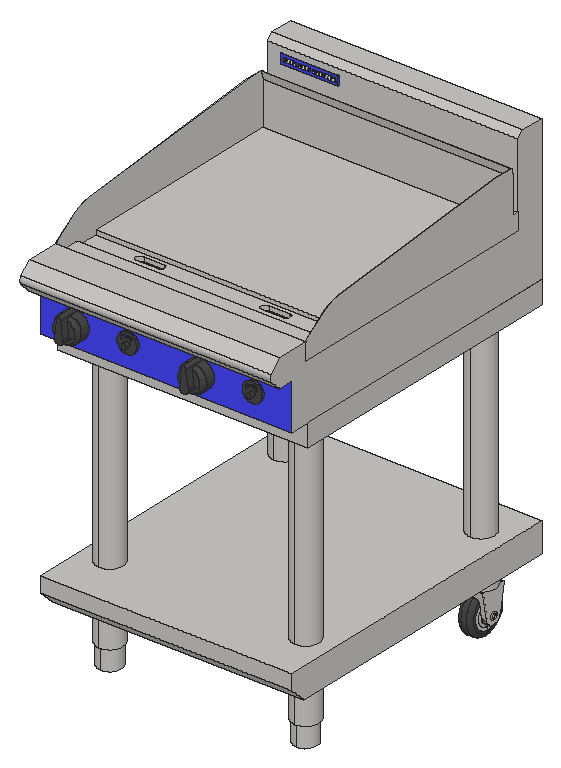
Revit family "QF_MOFFAT_BLUESEAL_AU_G514B-LS", category Specialty Equipment, Revit 2012
Parameters
  Weight in Pounds = 176  # constant formula
  URL Cutsheet = "www.moffat.com"
  URL = "www.moffat.com"
  Type Mark [instance] = ""
  Status [instance] = ""
  Specification by User [instance] = ""
  Specification by Manufacturer = ""
  Show Logo [instance] = yes
  Show Casters [instance] = yes
  Serial Number = ""
  Seismic Rating = ""
  SMACNA No = ""
  Revision Code [instance] = ""
  Omniclass Number and Title = ""
  NAFEM Spec ID Number = ""
  Model = "G514B-LS"
  Mechanical Remarks = ""
  Mechanical Connection Type = ""
  Masterspec = ""
  Manufacturer = "MOFFAT BLUESEAL"
  Legs [instance] = not(Show Casters)  # no
  Item Number [instance] = ""
  Installed By [instance] = ""
  Identify Quantity as Lot [instance] = yes
  Gas Size = 3/4"
  Gas RI Height = 0 mm
  Gas KW = 11
  Gas Input = 37912.0 Btu/h
  Gas Connection Height = 0 mm
  Furnished By [instance] = ""
  Foodservice Equipment Identifier [instance] = yes
  Description = "600MM GAS GRIDDLE PLATE ON LEG STAND"
  CSI MasterFormat = ""
  CSI Master Format = ""
  Base Height [instance] = 150 mm
Reference planes
  plane 1 "BACK": y = 0
  plane 2: z = 0
  plane 3 "LEFT": x = 0
  plane 4 "RIGHT": x = 600
  plane 5 "FRONT": y = -812
  plane 6 "TOP": z = 970
  plane 7 "Center Y": x = 300
  plane 8 "Center X": y = -406
  plane 9 "Base Height": z = 150
  plane 10: z = 915
  plane 11: y = -31
  plane 12: x = 470
  plane 13: z = 1085
  plane 14: y = -625
  plane 15: y = -100
  plane 16: z = 655
Forms (mm)
  Extrusion 1, solid, material "QF_Finishes_Stainless Steel"
    sketch origin (0, 0, 0) x (0, 1, 0) y (0, 0, 1)
      loop
        line (-749, 850) -> (-749, 740) -> (0, 740) -> (0, 1085) -> (-57.5, 1085) -> (-70, 1072.5) -> (-70, 875) -> (-705, 875) -> (-705, 915) -> (-783.97, 915) -> (-808.485, 890.485)
        arc (-808.485, 890.485) -> (-811.999, 882) -> (-808.485, 873.515) r 12
        line (-808.485, 873.515) -> (-784.97, 850) -> (-749, 850)
      loop
        line (0, 685) -> (0, 739.5) -> (-699, 739.5) -> (-699, 685) -> (0, 685)
      loop
        line (0, 222.5) -> (-749, 222.5) -> (-749, 186) -> (-713, 150) -> (0, 150) -> (0, 222.5)
    from 0 to 600
  Revolve 2, solid, material "QF_Finishes_Black"
    sketch origin (90, 7, 600) x (0, 1, 0) y (0, 0, -1)
      loop
        line (-789, -229.5) -> (-766, -229.5) -> (-766, -202) -> (-756, -202) -> (-756, -197) -> (-800, -197) -> (-800, -223.651) -> (-789, -229.5)
      axis (-800, -197) -> (-756, -197)
    angle from 0 to 360
  Extrusion 3, solid, material "QF_Finishes_Black"
    sketch origin (90, -759, 797) x (0, 0, 1) y (1, 0, 0)
      loop
        arc (32.192, -4.965) -> (37.079, 0.034) -> (32.192, 5.033) r 5
        line (32.192, 5.033) -> (-10.726, 10.453)
        arc (-10.726, 10.453) -> (-22.392, 0.618) -> (-11.893, -10.454) r 10.487
        line (-11.893, -10.454) -> (32.192, -4.965)
    from 0 to -49
  Extrusion 4, solid, material "QF_Finishes_Stainless Steel"
    sketch origin (0, 0, 222.5) x (0, -1, 0) y (1, 0, 0)
      loop
        circle (100, 65) r 31.75
      loop
        circle (625, 65) r 31.75
      loop
        circle (100, 535) r 31.75
      loop
        circle (625, 535) r 31.75
    from 0 to 462.5
  Revolve 5, solid, material "QF_Finishes_Stainless Steel", visible <- "Legs"
    sketch origin (65.5, -166, 0) x (0, 1, 0) y (0, 0, 1)
      loop
        line (34.25, 150) -> (34.25, 50) -> (38.5, 50) -> (38.5, 0) -> (66, 0) -> (66, 150) -> (34.25, 150)
      axis (66, 150) -> (66, 0)
    angle from 0 to 360
  Revolve 6, solid, material "QF_Finishes_Stainless Steel"
    sketch origin (65.5, -735, 0) x (0, 1, 0) y (0, 0, 1)
      loop
        line (78.25, 150) -> (78.25, 50) -> (82.5, 50) -> (82.5, 0) -> (110, 0) -> (110, 150) -> (78.25, 150)
      axis (110, 150) -> (110, 0)
    angle from 0 to 360
  Revolve 7, solid, material "QF_Finishes_Stainless Steel", visible <- "Legs"
    sketch origin (534.5, -166, 0) x (0, 1, 0) y (0, 0, -1)
      loop
        line (34.25, -150) -> (66, -150) -> (66, 0) -> (38.5, 0) -> (38.5, -50) -> (34.25, -50) -> (34.25, -150)
      axis (66, -150) -> (66, 0)
    angle from 0 to 360
  Revolve 8, solid, material "QF_Finishes_Stainless Steel"
    sketch origin (534.5, -728, 0) x (0, 1, 0) y (0, 0, -1)
      loop
        line (71.25, -150) -> (103, -150) -> (103, 0) -> (75.5, 0) -> (75.5, -50) -> (71.25, -50) -> (71.25, -150)
      axis (103, -150) -> (103, 0)
    angle from 0 to 360
  Revolve 9, solid, material "QF_Finishes_Black"
    sketch origin (390, 7, 600) x (0, 1, 0) y (0, 0, -1)
      loop
        line (-789, -229.5) -> (-766, -229.5) -> (-766, -202) -> (-756, -202) -> (-756, -197) -> (-800, -197) -> (-800, -223.651) -> (-789, -229.5)
      axis (-800, -197) -> (-756, -197)
    angle from 0 to 360
  Extrusion 10, solid, material "QF_Finishes_Black"
    sketch origin (390, -759, 797) x (0, 0, 1) y (1, 0, 0)
      loop
        arc (32.192, -4.965) -> (37.079, 0.034) -> (32.192, 5.033) r 5
        line (32.192, 5.033) -> (-10.726, 10.453)
        arc (-10.726, 10.453) -> (-22.392, 0.618) -> (-11.893, -10.454) r 10.487
        line (-11.893, -10.454) -> (32.192, -4.965)
    from 0 to -49
  Extrusion 11, solid, material "QF_Finishes_Black"
    sketch origin (0, -749, 850) x (0, 0, -1) y (1, 0, 0)
      loop
        circle (53, 210) r 23.9
      loop
        circle (53, 510) r 23.9
      loop
        arc (41.701, 524.079) -> (35.116, 509.341) -> (42.919, 495.209) r 18.095
        arc (42.919, 495.209) -> (47.641, 496.491) -> (46.326, 501.204) r 3.448
        arc (46.326, 501.204) -> (42.758, 509.683) -> (45.641, 518.419) r 13.109
        arc (45.641, 518.419) -> (46.501, 523.219) -> (41.701, 524.079) r 3.448
      loop
        arc (41.701, 224.079) -> (35.116, 209.341) -> (42.919, 195.209) r 18.095
        arc (42.919, 195.209) -> (47.641, 196.491) -> (46.326, 201.204) r 3.448
        arc (46.326, 201.204) -> (42.758, 209.683) -> (45.641, 218.419) r 13.109
        arc (45.641, 218.419) -> (46.501, 223.219) -> (41.701, 224.079) r 3.448
    from 0 to 5
  Revolve 12, solid, material "QF_Finishes_Stainless Steel", visible <- "Show Casters"
    sketch origin (16.276, -100.755, -13.653) x (1, 0, 0) y (0, 0, 1)
      loop
        line (14.841, 63.604) -> (83.584, 63.604) -> (83.584, 67.109) -> (82.314, 68.379) -> (80.79, 68.379) -> (80.79, 71.826) -> (68.644, 71.826) -> (68.644, 81.79) -> (65.088, 83.843) -> (63.738, 92.179) -> (65.881, 92.179) -> (65.881, 98.529) -> (65.088, 98.529) -> (65.088, 104.879)
        arc (65.088, 104.879) -> (62.298, 111.614) -> (55.563, 114.404) r 9.525
        line (55.563, 114.404) -> (42.863, 114.404)
        arc (42.863, 114.404) -> (36.127, 111.614) -> (33.338, 104.879) r 9.525
        line (33.338, 104.879) -> (33.338, 98.529) -> (32.544, 98.529) -> (32.544, 92.179) -> (34.687, 92.179) -> (33.352, 83.932) -> (29.782, 81.871) -> (29.782, 71.826) -> (17.635, 71.826) -> (17.635, 68.379) -> (16.111, 68.379) -> (14.841, 67.109) -> (14.841, 63.604)
      axis (14.841, 63.604) -> (83.584, 63.604)
    angle from 0 to 360
  Extrusion 13, solid, material "QF_Finishes_Stainless Steel", visible <- "Show Casters"
    sketch origin (72.001, 132.353, -8.783) x (0, 1, 0) y (0, 0, 1)
      loop
        line (-200.603, 118.783) -> (-264.103, 118.783) -> (-251.746, 53.895)
        arc (-251.746, 53.895) -> (-232.353, 38.783) -> (-212.959, 53.895) r 20
        line (-212.959, 53.895) -> (-200.603, 118.783)
    from -35.667 to 22.923
  Revolve 14, solid, material "QF_Finishes_Stainless Steel", visible <- "Show Casters"
    sketch origin (65.5, -204, 0) x (0, 1, 0) y (0, 0, 1)
      loop
        line (68.25, 150) -> (68.25, 110) -> (104, 110) -> (104, 150) -> (68.25, 150)
      axis (104, 150) -> (104, 110)
    angle from 0 to 360
  Revolve 15, solid, material "QF_Finishes_Stainless Steel", visible <- "Legs"
    sketch origin (65.5, -166, 0) x (0, 1, 0) y (0, 0, 1)
      loop
        line (34.25, 150) -> (34.25, 50) -> (38.5, 50) -> (38.5, 0) -> (66, 0) -> (66, 150) -> (34.25, 150)
      axis (66, 150) -> (66, 0)
    angle from 0 to 360
  Revolve 16, solid, material "QF_Finishes_Stainless Steel", visible <- "Show Casters"
    sketch origin (485.276, -100.755, -13.653) x (1, 0, 0) y (0, 0, 1)
      loop
        line (14.841, 63.604) -> (83.584, 63.604) -> (83.584, 67.109) -> (82.314, 68.379) -> (80.79, 68.379) -> (80.79, 71.826) -> (68.644, 71.826) -> (68.644, 81.79) -> (65.088, 83.843) -> (63.738, 92.179) -> (65.881, 92.179) -> (65.881, 98.529) -> (65.088, 98.529) -> (65.088, 104.879)
        arc (65.088, 104.879) -> (62.298, 111.614) -> (55.563, 114.404) r 9.525
        line (55.563, 114.404) -> (42.863, 114.404)
        arc (42.863, 114.404) -> (36.127, 111.614) -> (33.338, 104.879) r 9.525
        line (33.338, 104.879) -> (33.338, 98.529) -> (32.544, 98.529) -> (32.544, 92.179) -> (34.687, 92.179) -> (33.352, 83.932) -> (29.782, 81.871) -> (29.782, 71.826) -> (17.635, 71.826) -> (17.635, 68.379) -> (16.111, 68.379) -> (14.841, 67.109) -> (14.841, 63.604)
      axis (14.841, 63.604) -> (83.584, 63.604)
    angle from 0 to 360
  Extrusion 17, solid, material "QF_Finishes_Stainless Steel", visible <- "Show Casters"
    sketch origin (541.001, 132.353, -8.783) x (0, 1, 0) y (0, 0, 1)
      loop
        line (-200.603, 118.783) -> (-264.103, 118.783) -> (-251.746, 53.895)
        arc (-251.746, 53.895) -> (-232.353, 38.783) -> (-212.959, 53.895) r 20
        line (-212.959, 53.895) -> (-200.603, 118.783)
    from -35.667 to 22.923
  Revolve 18, solid, material "QF_Finishes_Stainless Steel", visible <- "Show Casters"
    sketch origin (534.5, -204, 0) x (0, 1, 0) y (0, 0, 1)
      loop
        line (68.25, 150) -> (68.25, 110) -> (104, 110) -> (104, 150) -> (68.25, 150)
      axis (104, 150) -> (104, 110)
    angle from 0 to 360
  Extrusion 19, solid, material "QF_Finishes_Black"
    sketch origin (0, -754, 850) x (0, 0, -1) y (1, 0, 0)
      loop
        circle (56.5, 510) r 5.75
      loop
        circle (56.5, 210) r 5.75
    from 0 to 10
  Extrusion 20, solid, material "QF_Finishes_Stainless Steel"
    sketch origin (0, 0, 685) x (-1, 0, 0) y (0, 1, 0)
      loop
        circle (-470, -32) r 6.35
    from 0 to 30
Lines and regions (mm)
  Split face 1
    outline origin (0, -56.5, 1085) x (0, 1, 0) y (-1, 0, 0)
      loop
        arc (11.115, -264.794) -> (16.115, -273.455) -> (26.115, -273.455) r 10
        line (26.115, -273.455) -> (33.115, -269.413)
        arc (33.115, -269.413) -> (36.775, -265.753) -> (38.115, -260.753) r 10
        line (38.115, -260.753) -> (38.115, -32.794)
        arc (38.115, -32.794) -> (33.115, -24.134) -> (23.115, -24.134) r 10
        line (23.115, -24.134) -> (16.115, -28.176)
        arc (16.115, -28.176) -> (12.455, -31.836) -> (11.115, -36.836) r 10
        line (11.115, -36.836) -> (11.115, -264.794)
  Split face 2
    outline origin (0, -56.5, 1085) x (0, 1, 0) y (-1, 0, 0)
      loop
        arc (11.115, -564.794) -> (16.115, -573.455) -> (26.115, -573.455) r 10
        line (26.115, -573.455) -> (33.115, -569.413)
        arc (33.115, -569.413) -> (36.775, -565.753) -> (38.115, -560.753) r 10
        line (38.115, -560.753) -> (38.115, -332.794)
        arc (38.115, -332.794) -> (33.115, -324.134) -> (23.115, -324.134) r 10
        line (23.115, -324.134) -> (16.115, -328.176)
        arc (16.115, -328.176) -> (12.455, -331.836) -> (11.115, -336.836) r 10
        line (11.115, -336.836) -> (11.115, -564.794)
  symbolic lines, style "SpecialityEquipmentHiddenLines", visible <- "Show Casters"
    curve 1: line (78.456, -46.735, 0) -> (105.952, -62.61, 0)
    curve 2: line (27.656, -134.723, 0) -> (78.456, -46.735, 0)
    curve 3: line (55.152, -150.598, 0) -> (27.656, -134.723, 0)
    curve 4: line (105.952, -62.61, 0) -> (55.152, -150.598, 0)
    curve 5: line (548.456, -46.735, 0) -> (575.952, -62.61, 0)
    curve 6: line (497.656, -134.723, 0) -> (548.456, -46.735, 0)
    curve 7: line (525.152, -150.598, 0) -> (497.656, -134.723, 0)
    curve 8: line (575.952, -62.61, 0) -> (525.152, -150.598, 0)
  symbolic lines
    curve 9: line (260.753, -18.385, 0) -> (32.794, -18.385, 0)
    curve 10: arc (32.794, -18.385, 0) -> (24.134, -23.385, 0) -> (24.134, -33.385, 0) r 10
    curve 11: line (24.134, -33.385, 0) -> (28.176, -40.385, 0)
    curve 12: arc (28.176, -40.385, 0) -> (31.836, -44.045, 0) -> (36.836, -45.385, 0) r 10
    curve 13: line (36.836, -45.385, 0) -> (264.794, -45.385, 0)
    curve 14: arc (264.794, -45.385, 0) -> (273.455, -40.385, 0) -> (273.455, -30.385, 0) r 10
    curve 15: line (273.455, -30.385, 0) -> (269.413, -23.385, 0)
    curve 16: arc (269.413, -23.385, 0) -> (265.753, -19.725, 0) -> (260.753, -18.385, 0) r 10
    curve 17: line (332.794, -18.385, 0) -> (560.753, -18.385, 0)
    curve 18: arc (560.753, -18.385, 0) -> (565.753, -19.725, 0) -> (569.413, -23.385, 0) r 10
    curve 19: line (569.413, -23.385, 0) -> (573.455, -30.385, 0)
    curve 20: arc (573.455, -30.385, 0) -> (573.455, -40.385, 0) -> (564.794, -45.385, 0) r 10
    curve 21: line (564.794, -45.385, 0) -> (336.836, -45.385, 0)
    curve 22: arc (336.836, -45.385, 0) -> (331.836, -44.045, 0) -> (328.176, -40.385, 0) r 10
    curve 23: line (328.176, -40.385, 0) -> (324.134, -33.385, 0)
    curve 24: arc (324.134, -33.385, 0) -> (324.134, -23.385, 0) -> (332.794, -18.385, 0) r 10
    curve 25: line (0, -783.97, 0) -> (600, -783.97, 0)
    curve 26: line (0, 0, 0) -> (0, -811.999, 0)
    curve 27: line (600, -811.999, 0) -> (600, 0, 0)
    curve 28: line (600, -811.999, 0) -> (0, -811.999, 0)
    curve 29: line (0, -70, 0) -> (600, -70, 0)
    curve 30: line (0, -57.5, 0) -> (600, -57.5, 0)
    curve 31: line (600, 0, 0) -> (0, 0, 0)
Dimensions and locks
  equal spacing: plane 3 "LEFT", plane 7 "Center Y", plane 4 "RIGHT"
  plane 3 "LEFT" to plane 4 "RIGHT" = 600 mm
  equal spacing: plane 5 "FRONT", plane 8 "Center X", plane 1 "BACK"
  plane 5 "FRONT" to plane 1 "BACK" = 812 mm  (x2)
  equal spacing: plane 4 "RIGHT", plane 7 "Center Y", plane 3 "LEFT"
  plane 4 "RIGHT" to plane 3 "LEFT" = 600 mm
  "Base Height": plane 9 "Base Height" to level
  plane 6 "TOP" to level = 970 mm
  plane 10 to level = 915 mm
  plane 11 to plane 1 "BACK" = 31 mm
  plane 12 to plane 4 "RIGHT" = 130 mm
  plane 13 to plane 2 = 1085 mm
  Revolve 12 sketch curve to Revolve 12 sketch curve = 50.8 mm
  Revolve 16 sketch curve to Revolve 16 sketch curve = 50.8 mm
  Extrusion 20 sketch curve to plane 1 "BACK" = 32 mm
  plane 16 to plane 2 = 655 mm
  aligned and locked: level to plane 2
Automatic sketch dimensions
  plane 10 to Extrusion 1 sketch curve = 0 mm
  Extrusion 1 sketch curve to plane 9 "Base Height" = 0 mm
  plane 13 to Extrusion 1 sketch curve = 0 mm
  Extrusion 1 sketch curve to plane 1 "BACK" = 0 mm  (x3)
  Extrusion 1 sketch curve to plane 11 = 26.5 mm
  plane 13 to Extrusion 1 sketch curve = 12.5 mm
  Extrusion 1 sketch curve to Extrusion 1 sketch curve = 12.5 mm
  Extrusion 1 sketch curve to plane 5 "FRONT" = 113 mm
  Extrusion 1 sketch curve to plane 5 "FRONT" = 107 mm
  Extrusion 1 sketch curve to plane 5 "FRONT" = 99 mm
  Extrusion 1 sketch curve to Extrusion 1 sketch curve = 44 mm
  Extrusion 1 sketch curve to Extrusion 1 sketch curve = 36 mm
  Extrusion 1 sketch curve to plane 5 "FRONT" = 28.03 mm
  Extrusion 1 sketch curve to plane 5 "FRONT" = 27.03 mm
  Extrusion 1 sketch curve to plane 5 "FRONT" = 12.001 mm
  Extrusion 1 sketch curve to plane 5 "FRONT" = 3.515 mm  (x2)
  plane 9 "Base Height" to Extrusion 1 sketch curve = 36 mm
  plane 9 "Base Height" to Extrusion 1 sketch curve = 72.5 mm
  Extrusion 1 sketch curve to Extrusion 1 sketch curve = 0.5 mm
  plane 10 to Extrusion 1 sketch curve = 65 mm
  Extrusion 1 sketch curve to Extrusion 1 sketch curve = 23.515 mm
  plane 10 to Extrusion 1 sketch curve = 40 mm
  Extrusion 1 sketch curve to Extrusion 1 sketch curve = 8.485 mm
  Revolve 2 sketch curve to plane 5 "FRONT" = 19 mm
  Revolve 2 sketch curve to Revolve 2 sketch curve = 0 mm  (x2)
  Revolve 2 sketch curve to Revolve 2 sketch curve = 11 mm
  Revolve 2 sketch curve to Revolve 2 sketch curve = 12.7 mm
  Revolve 2 sketch curve to Revolve 2 sketch curve = 23 mm
  Revolve 2 sketch curve to Revolve 2 sketch curve = 10 mm
  plane 10 to Revolve 2 sketch curve = 85.5 mm
  Revolve 2 sketch curve to Revolve 2 sketch curve = 5.849 mm
  Revolve 2 sketch curve to Revolve 2 sketch curve = 27.5 mm
  Revolve 2 sketch curve to Revolve 2 sketch curve = 5 mm
  Extrusion 4 sketch curve to Extrusion 4 sketch curve = 0 mm  (x8)
  Extrusion 1 to Extrusion 4 sketch curve = 68.25 mm  (x2)
  Extrusion 4 sketch curve to Extrusion 4 sketch curve = 31.75 mm  (x4)
  Extrusion 4 sketch curve to Extrusion 1 = 155.75 mm  (x2)
  Extrusion 1 to Extrusion 4 sketch curve = 65 mm  (x4)
  Revolve 5 sketch curve to plane 9 "Base Height" = 0 mm
  Revolve 5 sketch curve to level = 0 mm
  Revolve 5 sketch curve to plane 11 = 100.75 mm
  Revolve 5 sketch curve to Revolve 5 sketch curve = 4.25 mm
  Revolve 5 sketch curve to Revolve 5 sketch curve = 27.5 mm  (x2)
  Revolve 5 sketch curve to Revolve 5 sketch curve = 55 mm
  level to Revolve 5 sketch curve = 50 mm
  Revolve 5 sketch curve to Revolve 5 sketch curve = 0 mm
  Revolve 6 sketch curve to plane 9 "Base Height" = 0 mm
  Revolve 6 sketch curve to level = 0 mm
  level to Revolve 6 sketch curve = 50 mm
  Revolve 6 sketch curve to plane 5 "FRONT" = 155.25 mm
  Revolve 6 sketch curve to Revolve 6 sketch curve = 4.25 mm
  Revolve 6 sketch curve to Revolve 6 sketch curve = 27.5 mm  (x2)
  Revolve 6 sketch curve to Revolve 6 sketch curve = 55 mm
  Revolve 6 sketch curve to Revolve 6 sketch curve = 0 mm
  Revolve 7 sketch curve to plane 9 "Base Height" = 0 mm
  Revolve 7 sketch curve to level = 0 mm
  Revolve 7 sketch curve to plane 11 = 100.75 mm
  Revolve 7 sketch curve to Revolve 7 sketch curve = 4.25 mm
  Revolve 7 sketch curve to Revolve 7 sketch curve = 27.5 mm  (x2)
  level to Revolve 7 sketch curve = 50 mm
  Revolve 7 sketch curve to Revolve 7 sketch curve = 0 mm
  Revolve 7 sketch curve to Revolve 7 sketch curve = 55 mm
  Revolve 8 sketch curve to plane 9 "Base Height" = 0 mm
  Revolve 8 sketch curve to level = 0 mm
  level to Revolve 8 sketch curve = 50 mm
  Revolve 8 sketch curve to plane 5 "FRONT" = 155.25 mm
  Revolve 8 sketch curve to Revolve 8 sketch curve = 4.25 mm
  Revolve 8 sketch curve to Revolve 8 sketch curve = 27.5 mm  (x2)
  Revolve 8 sketch curve to Revolve 8 sketch curve = 0 mm
  Revolve 8 sketch curve to Revolve 8 sketch curve = 55 mm
  Revolve 9 sketch curve to plane 5 "FRONT" = 19 mm
  Revolve 9 sketch curve to Revolve 9 sketch curve = 0 mm  (x2)
  Revolve 9 sketch curve to Revolve 9 sketch curve = 11 mm
  Revolve 9 sketch curve to Revolve 9 sketch curve = 12.7 mm
  Revolve 9 sketch curve to Revolve 9 sketch curve = 23 mm
  Revolve 9 sketch curve to Revolve 9 sketch curve = 10 mm
  plane 10 to Revolve 9 sketch curve = 85.5 mm
  Revolve 9 sketch curve to Revolve 9 sketch curve = 5.849 mm
  Revolve 9 sketch curve to Revolve 9 sketch curve = 27.5 mm
  Revolve 9 sketch curve to Revolve 9 sketch curve = 5 mm
  plane 3 "LEFT" to Revolve 12 sketch curve = 31.118 mm
  Revolve 12 sketch curve to Revolve 12 sketch curve = 1.27 mm  (x4)
  Revolve 12 sketch curve to Revolve 12 sketch curve = 1.524 mm  (x2)
  Revolve 12 sketch curve to Revolve 12 sketch curve = 12.146 mm  (x2)
  Revolve 12 sketch curve to Revolve 12 sketch curve = 2.762 mm
  Revolve 12 sketch curve to Revolve 12 sketch curve = 0.794 mm  (x2)
  Revolve 12 sketch curve to Revolve 12 sketch curve = 3.57 mm
  Revolve 12 sketch curve to Revolve 12 sketch curve = 2.143 mm
  Revolve 12 sketch curve to Revolve 12 sketch curve = 9.525 mm
  Revolve 12 sketch curve to Revolve 12 sketch curve = 24.572 mm
  Revolve 12 sketch curve to Revolve 12 sketch curve = 12.7 mm
  Revolve 12 sketch curve to Revolve 12 sketch curve = 8.176 mm
  Revolve 12 sketch curve to Revolve 12 sketch curve = 1.349 mm  (x2)
  Revolve 12 sketch curve to Revolve 12 sketch curve = 3.556 mm
  Revolve 12 sketch curve to Revolve 12 sketch curve = 33.32 mm
  level to Revolve 12 sketch curve = 49.952 mm
  Revolve 12 sketch curve to Revolve 12 sketch curve = 0 mm
  Revolve 12 sketch curve to Revolve 12 sketch curve = 3.505 mm  (x2)
  Revolve 12 sketch curve to Revolve 12 sketch curve = 3.447 mm  (x2)
  Revolve 12 sketch curve to Revolve 12 sketch curve = 9.964 mm
  Revolve 12 sketch curve to Revolve 12 sketch curve = 10.045 mm
  Revolve 12 sketch curve to Revolve 12 sketch curve = 2.053 mm
  Revolve 12 sketch curve to Revolve 12 sketch curve = 2.061 mm
  Revolve 12 sketch curve to Revolve 12 sketch curve = 8.247 mm
  Revolve 12 sketch curve to Revolve 12 sketch curve = 8.336 mm
  Revolve 12 sketch curve to Revolve 12 sketch curve = 6.35 mm  (x2)
  Extrusion 13 sketch curve to plane 9 "Base Height" = 40 mm
  Extrusion 13 sketch curve to plane 11 = 100.75 mm
  Extrusion 13 sketch curve to Extrusion 13 sketch curve = 12.357 mm
  Extrusion 13 sketch curve to Extrusion 13 sketch curve = 19.393 mm  (x2)
  level to Extrusion 13 sketch curve = 45.111 mm
  Extrusion 13 sketch curve to plane 11 = 37.25 mm
  Extrusion 13 sketch curve to Extrusion 13 sketch curve = 4.889 mm
  Revolve 14 sketch curve to plane 9 "Base Height" = 0 mm
  Revolve 14 sketch curve to plane 9 "Base Height" = 40 mm
  Revolve 14 sketch curve to plane 11 = 104.75 mm
  Revolve 14 sketch curve to plane 11 = 69 mm
  Revolve 14 sketch curve to Revolve 14 sketch curve = 35.75 mm
  level to Revolve 14 sketch curve = 50 mm
  Revolve 14 sketch curve to level = 55 mm
  Revolve 15 sketch curve to plane 9 "Base Height" = 0 mm
  Revolve 15 sketch curve to level = 0 mm
  Revolve 15 sketch curve to plane 11 = 100.75 mm
  Revolve 15 sketch curve to Revolve 15 sketch curve = 4.25 mm
  Revolve 15 sketch curve to Revolve 15 sketch curve = 27.5 mm  (x2)
  Revolve 15 sketch curve to level = 55 mm
  Revolve 15 sketch curve to Revolve 15 sketch curve = 50 mm
  Revolve 15 sketch curve to Revolve 15 sketch curve = 0 mm
  plane 12 to Revolve 16 sketch curve = 30.118 mm
  Revolve 16 sketch curve to Revolve 16 sketch curve = 1.27 mm  (x4)
  Revolve 16 sketch curve to Revolve 16 sketch curve = 1.524 mm  (x2)
  Revolve 16 sketch curve to Revolve 16 sketch curve = 12.146 mm  (x2)
  Revolve 16 sketch curve to Revolve 16 sketch curve = 2.762 mm
  Revolve 16 sketch curve to Revolve 16 sketch curve = 0.794 mm  (x2)
  Revolve 16 sketch curve to Revolve 16 sketch curve = 3.57 mm
  Revolve 16 sketch curve to Revolve 16 sketch curve = 2.143 mm
  Revolve 16 sketch curve to Revolve 16 sketch curve = 9.525 mm
  Revolve 16 sketch curve to Revolve 16 sketch curve = 24.572 mm
  Revolve 16 sketch curve to Revolve 16 sketch curve = 12.7 mm
  Revolve 16 sketch curve to Revolve 16 sketch curve = 8.176 mm
  Revolve 16 sketch curve to Revolve 16 sketch curve = 1.349 mm  (x2)
  Revolve 16 sketch curve to Revolve 16 sketch curve = 3.556 mm
  Revolve 16 sketch curve to plane 4 "RIGHT" = 2.18 mm
  level to Revolve 16 sketch curve = 49.952 mm
  Revolve 16 sketch curve to Revolve 16 sketch curve = 0 mm
  Revolve 16 sketch curve to Revolve 16 sketch curve = 3.505 mm  (x2)
  Revolve 16 sketch curve to Revolve 16 sketch curve = 3.447 mm  (x2)
  Revolve 16 sketch curve to Revolve 16 sketch curve = 9.964 mm
  Revolve 16 sketch curve to Revolve 16 sketch curve = 10.045 mm
  Revolve 16 sketch curve to Revolve 16 sketch curve = 2.053 mm
  Revolve 16 sketch curve to Revolve 16 sketch curve = 2.061 mm
  Revolve 16 sketch curve to Revolve 16 sketch curve = 8.247 mm
  Revolve 16 sketch curve to Revolve 16 sketch curve = 8.336 mm
  Revolve 16 sketch curve to Revolve 16 sketch curve = 6.35 mm  (x2)
  Extrusion 17 sketch curve to plane 9 "Base Height" = 40 mm
  Extrusion 17 sketch curve to plane 11 = 100.75 mm
  Extrusion 17 sketch curve to Extrusion 17 sketch curve = 12.357 mm
  Extrusion 17 sketch curve to Extrusion 17 sketch curve = 19.393 mm  (x2)
  level to Extrusion 17 sketch curve = 45.111 mm
  Extrusion 17 sketch curve to plane 11 = 37.25 mm
  Extrusion 17 sketch curve to Extrusion 17 sketch curve = 4.889 mm
  Revolve 18 sketch curve to plane 9 "Base Height" = 0 mm
  Revolve 18 sketch curve to plane 9 "Base Height" = 40 mm
  Revolve 18 sketch curve to plane 11 = 104.75 mm
  Revolve 18 sketch curve to plane 11 = 69 mm
  Revolve 18 sketch curve to Revolve 18 sketch curve = 35.75 mm
  level to Revolve 18 sketch curve = 50 mm
  Revolve 18 sketch curve to level = 55 mm
  Extrusion 3 sketch curve to Revolve 2 = 0.034 mm  (x2)
  Revolve 2 to Extrusion 3 sketch curve = 10.454 mm
  Extrusion 3 sketch curve to Extrusion 3 sketch curve = 0.028 mm
  Extrusion 3 sketch curve to Revolve 2 = 10.453 mm
  Extrusion 3 sketch curve to Extrusion 3 sketch curve = 44 mm
  Extrusion 3 sketch curve to Revolve 2 = 5.033 mm
  Extrusion 3 sketch curve to Extrusion 3 sketch curve = 0.113 mm
  Revolve 2 to Extrusion 3 sketch curve = 4.965 mm
  Extrusion 10 sketch curve to Revolve 9 = 0.034 mm  (x2)
  Revolve 9 to Extrusion 10 sketch curve = 10.454 mm
  Extrusion 10 sketch curve to Extrusion 10 sketch curve = 0.028 mm
  Extrusion 10 sketch curve to Revolve 9 = 10.453 mm
  Extrusion 10 sketch curve to Extrusion 10 sketch curve = 44 mm
  Extrusion 10 sketch curve to Revolve 9 = 5.033 mm
  Extrusion 10 sketch curve to Extrusion 10 sketch curve = 0.113 mm
  Revolve 9 to Extrusion 10 sketch curve = 4.965 mm
  curve 26 to plane 3 "LEFT" = 0 mm
  curve 27 to plane 4 "RIGHT" = 0 mm
  plane 1 "BACK" to curve 26 = 0 mm
  plane 3 "LEFT" to curve 3 = 27.656 mm
  curve 10 to plane 11 = 2.385 mm
  plane 3 "LEFT" to curve 10 = 24.134 mm
  curve 11 to curve 12 = 4.041 mm
  plane 11 to curve 10 = 2.615 mm
  curve 10 to curve 10 = 8.66 mm
  curve 11 to curve 12 = 8.66 mm
  curve 2 to curve 3 = 27.496 mm
  curve 2 to plane 11 = 15.735 mm
  curve 12 to curve 2 = 41.62 mm
  plane 11 to curve 16 = 2.615 mm
  curve 16 to plane 7 "Center Y" = 39.247 mm
  curve 16 to curve 14 = 4.041 mm
  plane 11 to curve 16 = 7.615 mm
  plane 11 to curve 15 = 0.615 mm
  curve 15 to curve 15 = 4.041 mm
  curve 24 to plane 11 = 2.385 mm
  plane 7 "Center Y" to curve 24 = 24.134 mm
  curve 23 to curve 22 = 4.041 mm
  plane 11 to curve 24 = 12.615 mm
  curve 24 to curve 24 = 8.66 mm
  curve 23 to curve 22 = 8.66 mm
  plane 12 to curve 6 = 27.656 mm
  curve 6 to curve 7 = 27.496 mm
  curve 6 to plane 11 = 15.735 mm
  plane 4 "RIGHT" to curve 6 = 51.544 mm
  curve 5 to curve 18 = 12.297 mm
  curve 5 to curve 20 = 16.339 mm
  plane 11 to curve 19 = 7.615 mm
  curve 17 to curve 19 = 8.66 mm
  plane 11 to curve 20 = 0.615 mm
  curve 18 to curve 20 = 4.041 mm
  curve 8 to curve 5 = 15.875 mm
  curve 1 to curve 1 = 15.875 mm
  curve 25 to plane 5 "FRONT" = 28.03 mm
  curve 28 to plane 5 "FRONT" = 0.001 mm
  curve 14 to plane 11 = 14.385 mm
  curve 5 to curve 21 = 1.35 mm
  curve 22 to curve 23 = 7 mm
  curve 11 to curve 11 = 7 mm
  curve 29 to curve 5 = 7.39 mm
  curve 29 to curve 30 = 12.5 mm
  Extrusion 11 sketch curve to Extrusion 1 = 41.701 mm
  Extrusion 11 sketch curve to Extrusion 11 sketch curve = 1.218 mm
  Extrusion 11 sketch curve to Extrusion 11 sketch curve = 1.97 mm  (x4)
  Extrusion 11 sketch curve to Extrusion 11 sketch curve = 1.724 mm  (x2)
  Extrusion 11 sketch curve to Extrusion 11 sketch curve = 1.683 mm  (x2)
  Extrusion 11 sketch curve to Extrusion 11 sketch curve = 6.674 mm
  Extrusion 11 sketch curve to Extrusion 1 = 53 mm
  Extrusion 11 sketch curve to Extrusion 11 sketch curve = 0.195 mm  (x2)
  Extrusion 11 sketch curve to Extrusion 11 sketch curve = 2.662 mm  (x2)
  Extrusion 1 to Extrusion 11 sketch curve = 210 mm
  Extrusion 1 to Extrusion 11 sketch curve = 104.791 mm
  Extrusion 11 sketch curve to Extrusion 11 sketch curve = 2.986 mm
  Extrusion 11 sketch curve to Extrusion 11 sketch curve = 8.796 mm  (x2)
  Extrusion 11 sketch curve to Extrusion 11 sketch curve = 0.103 mm  (x2)
  Extrusion 11 sketch curve to Extrusion 11 sketch curve = 0.102 mm  (x2)
  Extrusion 11 sketch curve to Extrusion 11 sketch curve = 11.299 mm
  Extrusion 11 sketch curve to Extrusion 11 sketch curve = 10.081 mm
  Extrusion 11 sketch curve to Extrusion 11 sketch curve = 3.009 mm
  Extrusion 20 sketch curve to Extrusion 1 = 130 mm
  Extrusion 20 sketch curve to Extrusion 20 sketch curve = 6.35 mm
  plane 16 to Extrusion 1 sketch curve = 30 mm
  Extrusion 1 sketch curve to Extrusion 1 sketch curve = 54.5 mm
  Split face 1 sketch curve to Extrusion 1 = 12.115 mm
  Split face 1 sketch curve to Split face 1 sketch curve = 5 mm  (x3)
  Split face 1 sketch curve to Split face 1 sketch curve = 10 mm  (x2)
  Split face 1 sketch curve to Split face 1 sketch curve = 7 mm  (x4)
  Split face 1 sketch curve to Extrusion 1 = 273.455 mm
  Split face 1 sketch curve to Split face 1 sketch curve = 4.041 mm  (x2)
  Split face 1 sketch curve to Extrusion 1 = 36.836 mm
  Split face 2 sketch curve to Extrusion 1 = 12.115 mm
  Split face 2 sketch curve to Split face 2 sketch curve = 5 mm  (x3)
  Split face 2 sketch curve to Split face 2 sketch curve = 10 mm  (x2)
  Split face 2 sketch curve to Split face 2 sketch curve = 7 mm  (x4)
  Split face 2 sketch curve to Extrusion 1 = 26.545 mm
  Split face 2 sketch curve to Split face 2 sketch curve = 4.041 mm  (x2)
  Split face 2 sketch curve to Split face 2 sketch curve = 223.917 mm
  radius of Extrusion 11 sketch curve = 23.9 mm  (x2)
Nested families
  nested 1: "WALDORF LOGO_FACE BASE" at (32, -70, 1057.475) x (1, 0, 0) z (0, -1, 0), visible <- "Show Logo", type "WALDORF LOGO_FACE BASE", detail levels medium+fine
    with Show Logo yes
  nested 2: "GAS GRIDDLE PLATE 600" at (0, -85, 874.5), type "GAS GRIDDLE PLATE 600"
    with Width 600 mm, Type Mark "", Status "", Specification by User "", Revision Code "", Item Number "", Installed By "", Identify Quantity as Lot yes, Furnished By "", Foodservice Equipment Identifier yes, Depth 620 mm
Connectors
  piping at (470, -32, 655)
    settings: on Extrusion 20, index 1, connector radius 0.37402", flow factor 0, pipe flow 0 GPM, pressure drop 0.00 psi, fitting loss kfactor 0, connector angle 0.00°, fixture units 0, engagement length 0 mm, flow configuration 1, flow direction 1, fitting loss method 0, system type 7, joint type 0, gender type 0, connector reference index -1, connector utility 0, adjustable connector no, is connector primary yes, fitting loss table "", connector description "GAS CONNECTION"
Definition of nested family "WALDORF LOGO_FACE BASE"
  Parameters (values of type "WALDORF LOGO_FACE BASE")
    Show Logo [instance] = yes
    Default Elevation = 1219.2 mm
  Reference planes
    plane 1 "Center (Front/Back)": y = 0
    plane 2: z = 0
    plane 3 "Center (Left/Right)": x = 0
  Forms (mm)
    Extrusion 1, solid
      sketch origin (0, 0, 0) x (1, 0, 0) y (0, 1, 0)
        loop
          line (-1219.2, 1219.2) -> (-1219.2, -1219.2) -> (1219.2, -1219.2) -> (1219.2, 1219.2) -> (-1219.2, 1219.2)
      from 0 to -304.8
    Extrusion 2, solid, material "QF_Finishes_Blue", visible <- "Show Logo"
      sketch origin (0, -33.217, 0) x (1, 0, 0) y (0, 1, 0)
        loop
          arc (138, 31.942) -> (137.626, 32.844) -> (136.724, 33.217) r 1.276
          line (136.724, 33.217) -> (1.29, 33.217)
          arc (1.29, 33.217) -> (0.378, 32.839) -> (0, 31.927) r 1.29
          line (0, 31.927) -> (0, 11.507)
          arc (0, 11.507) -> (0.378, 10.595) -> (1.29, 10.217) r 1.29
          line (1.29, 10.217) -> (136.71, 10.217)
          arc (136.71, 10.217) -> (137.622, 10.595) -> (138, 11.507) r 1.29
          line (138, 11.507) -> (138, 31.942)
      from 0 to 1.588
    Extrusion 3, solid, material "QF_Finishes_White", visible <- "Show Logo"
      sketch origin (0, -33.217, 1.588) x (1, 0, 0) y (0, 1, 0)
        loop
          arc (108.946, 25.919) -> (107.613, 25.367) -> (107.061, 24.034) r 1.885
          line (107.061, 24.034) -> (107.061, 17.211) -> (112.704, 17.211) -> (112.704, 19.129) -> (115.546, 19.129) -> (115.546, 17.211) -> (121.584, 17.211) -> (121.584, 24.075)
          arc (121.584, 24.075) -> (121.043, 25.379) -> (119.739, 25.919) r 1.845
          line (119.739, 25.919) -> (108.946, 25.919)
        loop
          line (123.478, 25.919) -> (123.478, 17.163) -> (134.904, 17.163) -> (134.904, 19.129) -> (129.246, 19.129) -> (129.246, 25.919) -> (123.478, 25.919)
        loop
          line (112.704, 21.258) -> (115.546, 21.258) -> (115.546, 22.702)
          arc (115.546, 22.702) -> (115.344, 23.188) -> (114.858, 23.389) r 0.687
          line (114.858, 23.389) -> (113.363, 23.389)
          arc (113.363, 23.389) -> (112.897, 23.196) -> (112.704, 22.73) r 0.658
          line (112.704, 22.73) -> (112.704, 21.258)
        loop
          line (105.071, 25.919) -> (93.771, 25.919) -> (93.771, 17.163) -> (105.071, 17.163) -> (105.071, 19.063) -> (99.535, 19.063) -> (99.535, 20.437) -> (105.071, 20.437) -> (105.071, 22.278) -> (99.535, 22.278) -> (99.535, 23.587) -> (105.071, 23.587) -> (105.071, 25.919)
        loop
          line (91.104, 25.919) -> (79.541, 25.919)
          arc (79.541, 25.919) -> (78.558, 25.513) -> (78.152, 24.53) r 1.389
          line (78.152, 24.53) -> (78.152, 22.08)
          arc (78.152, 22.08) -> (78.558, 21.098) -> (79.541, 20.691) r 1.389
          line (79.541, 20.691) -> (86.346, 20.691) -> (86.346, 18.864) -> (83.266, 18.864) -> (83.266, 19.664) -> (78.152, 19.664) -> (78.152, 18.553)
          arc (78.152, 18.553) -> (78.558, 17.57) -> (79.541, 17.163) r 1.389
          line (79.541, 17.163) -> (91.063, 17.163)
          arc (91.063, 17.163) -> (92.045, 17.57) -> (92.452, 18.553) r 1.389
          line (92.452, 18.553) -> (92.452, 20.691)
          arc (92.452, 20.691) -> (92.045, 21.673) -> (91.063, 22.08) r 1.389
          line (91.063, 22.08) -> (83.266, 22.08) -> (83.266, 23.984) -> (86.346, 23.984) -> (86.346, 22.743) -> (92.452, 22.743) -> (92.452, 24.571)
          arc (92.452, 24.571) -> (92.057, 25.524) -> (91.104, 25.919) r 1.348
        loop
          line (70.705, 25.919) -> (59.405, 25.919) -> (59.405, 17.163) -> (70.705, 17.163) -> (70.705, 19.063) -> (65.169, 19.063) -> (65.169, 20.437) -> (70.705, 20.437) -> (70.705, 22.278) -> (65.169, 22.278) -> (65.169, 23.587) -> (70.705, 23.587) -> (70.705, 25.919)
        loop
          line (57.598, 25.919) -> (51.7, 25.919) -> (51.7, 20.18)
          arc (51.7, 20.18) -> (50.63, 19.11) -> (49.56, 20.18) r 1.07
          line (49.56, 20.18) -> (49.56, 25.919) -> (43.663, 25.919) -> (43.663, 19.049)
          arc (43.663, 19.049) -> (44.215, 17.716) -> (45.548, 17.163) r 1.885
          line (45.548, 17.163) -> (55.71, 17.163)
          arc (55.71, 17.163) -> (57.045, 17.716) -> (57.598, 19.051) r 1.887
          line (57.598, 19.051) -> (57.598, 25.919)
        loop
          line (31.62, 25.919) -> (31.62, 17.163) -> (43.046, 17.163) -> (43.046, 19.129) -> (37.388, 19.129) -> (37.388, 25.919) -> (31.62, 25.919)
        loop
          line (15.969, 25.919) -> (15.969, 17.163) -> (28.693, 17.163)
          arc (28.693, 17.163) -> (29.812, 17.627) -> (30.276, 18.746) r 1.582
          line (30.276, 18.746) -> (30.276, 20.447) -> (29.48, 21.243) -> (30.276, 22.039) -> (30.276, 24.332)
          arc (30.276, 24.332) -> (29.811, 25.454) -> (28.688, 25.919) r 1.587
          line (28.688, 25.919) -> (15.969, 25.919)
        loop
          line (21.449, 24.159) -> (21.449, 22.436) -> (23.862, 22.436)
          arc (23.862, 22.436) -> (24.723, 23.298) -> (23.862, 24.159) r 0.861
          line (23.862, 24.159) -> (21.449, 24.159)
        loop
          line (21.449, 20.244) -> (21.449, 18.522) -> (23.862, 18.522)
          arc (23.862, 18.522) -> (24.723, 19.383) -> (23.862, 20.244) r 0.861
          line (23.862, 20.244) -> (21.449, 20.244)
      from 0 to 0.2
    Extrusion 4, solid, material "QF_Finishes_Blue", visible <- "Show Logo"
      sketch origin (-126.498, -31.09, 1.588) x (1, 0, 0) y (0, 1, 0)
        loop
          line (136.738, 23.522) -> (136.738, 15.1)
          arc (136.738, 15.1) -> (140.756, 19.311) -> (136.738, 23.522) r 4.216
      from 0 to 0.2
    Extrusion 5, solid, material "QF_Finishes_Red", visible <- "Show Logo"
      sketch origin (146.849, -31.09, 1.588) x (-1, 0, 0) y (0, -1, 0)
        loop
          arc (136.738, -23.522) -> (140.756, -19.311) -> (136.738, -15.1) r 4.216
          line (136.738, -15.1) -> (136.738, -23.522)
      from 0 to 0.2
  Lines and regions (mm)
    Split face 1
      outline origin (-90.35, -30.793, 1.588) x (1, 0, 0) y (0, 1, 0)
        loop
          circle (100.54, 19.013) r 4.536
  Dimensions and locks
    aligned and locked: plane 2 to Extrusion 1
    aligned and locked: level to Extrusion 1
Definition of nested family "GAS GRIDDLE PLATE 600"
  Parameters (values of type "GAS GRIDDLE PLATE 600")
    Width [instance] = 600 mm
    Weight in Pounds = 0
    URL Cutsheet = ""
    Type Mark [instance] = ""
    Status [instance] = ""
    Specification by User [instance] = ""
    Specification by Manufacturer = ""
    Serial Number = ""
    Seismic Rating = ""
    SMACNA No = ""
    Revision Code [instance] = ""
    Omniclass Number and Title = ""
    NAFEM Spec ID Number = ""
    Masterspec = ""
    Item Number [instance] = ""
    Installed By [instance] = ""
    Identify Quantity as Lot [instance] = yes
    Furnished By [instance] = ""
    Foodservice Equipment Identifier [instance] = yes
    Depth [instance] = 620 mm
    CSI MasterFormat = ""
    CSI Master Format = ""
  Reference planes
    plane 1 "BACK": y = 0
    plane 2: z = 0
    plane 3 "LEFT": x = 0
    plane 4 "RIGHT": x = 600
    plane 5 "FRONT": y = -620
    plane 6 "TOP": z = 142.5
    plane 7 "Center Y": x = 300
    plane 8 "Center X": y = -310
    plane 9: y = -530.997
    plane 10: y = -541.497
    plane 11: y = -503.25
    plane 12: y = -557.737
  Forms (mm)
    Extrusion 1, solid, material "QF_Finishes_Stainless Steel"
      sketch origin (0, 70.003, -874.5) x (0, 1, 0) y (0, 0, 1)
        loop
          line (-70, 875) -> (-70, 997.489) -> (-75.228, 1017) -> (-117.24, 1017) -> (-589.533, 971.523)
          arc (-589.533, 971.523) -> (-614.56, 965.803) -> (-637.306, 953.899) r 100
          line (-637.306, 953.899) -> (-690.003, 917) -> (-690.003, 875) -> (-70, 875)
      from 0 to 1.8
    Extrusion 2, solid, material "QF_Finishes_Stainless Steel"
      sketch origin (600, 70.003, -874.5) x (0, -1, 0) y (0, 0, 1)
        loop
          line (70, 875) -> (690.003, 875) -> (690.003, 917) -> (637.306, 953.899)
          arc (637.306, 953.899) -> (614.56, 965.803) -> (589.533, 971.523) r 100
          line (589.533, 971.523) -> (117.24, 1017) -> (75.228, 1017) -> (70, 997.489) -> (70, 875)
      from 0 to 1.2
    Extrusion 3, solid, material "QF_Finishes_Stainless Steel"
      sketch origin (150, 70.003, -874.5) x (0, 1, 0) y (0, 0, 1)
        loop
          line (-70, 894.5) -> (-573.253, 894.5) -> (-573.253, 884) -> (-627.74, 884) -> (-627.74, 894.5) -> (-690.003, 894.5) -> (-690.003, 874.5) -> (-55, 874.5) -> (-55, 914.5) -> (-70, 914.5) -> (-70, 894.5)
      from -150 to 450
    Extrusion 4, void
      sketch origin (150, -541.497, 10) x (0, -1, 0) y (1, 0, 0)
        loop
          arc (-7.497, 25) -> (-17.497, 35) -> (-27.497, 25) r 10
          line (-27.497, 25) -> (-27.497, -25)
          arc (-27.497, -25) -> (-17.497, -35) -> (-7.497, -25) r 10
          line (-7.497, -25) -> (-7.497, 25)
        loop
          arc (-7.497, 325) -> (-17.497, 335) -> (-27.497, 325) r 10
          line (-27.497, 325) -> (-27.497, 275)
          arc (-27.497, 275) -> (-17.497, 265) -> (-7.497, 275) r 10
          line (-7.497, 275) -> (-7.497, 325)
      from -41.4 to 40.142
    Extrusion 5, solid, material "QF_Finishes_Stainless Steel"
      sketch origin (0, 70.003, -874.5) x (0, 1, 0) y (0, 0, 1)
        loop
          line (-70, 875) -> (-70, 997.489) -> (-75.228, 1017) -> (-76.884, 1017) -> (-71.6, 997.278) -> (-71.6, 875) -> (-70, 875)
      from 0 to 598.8
  Cuts and joins
    Extrusion 4 cuts Extrusion 3
    joined: Extrusion 1, Extrusion 2, Extrusion 3, Extrusion 5
  Lines and regions (mm)
    symbolic lines
      curve 1: line (598.8, -503.25, 0) -> (0, -503.25, 0)
      curve 2: line (1.8, -557.737, 0) -> (598.8, -557.737, 0)
      curve 3: line (0, -620, 0) -> (600, -620, 0)
      curve 4: line (175, -534, 0) -> (125, -534, 0)
      curve 5: arc (125, -534, 0) -> (115, -524, 0) -> (125, -514, 0) r 10
      curve 6: line (125, -514, 0) -> (175, -514, 0)
      curve 7: arc (175, -514, 0) -> (185, -524, 0) -> (175, -534, 0) r 10
      curve 8: arc (425, -514, 0) -> (415, -524, 0) -> (425, -534, 0) r 10
      curve 9: line (425, -534, 0) -> (475, -534, 0)
      curve 10: arc (475, -534, 0) -> (485, -524, 0) -> (475, -514, 0) r 10
      curve 11: line (475, -514, 0) -> (425, -514, 0)
      curve 12: line (600, -5.225, 0) -> (0, -5.225, 0)
      curve 13: line (0, -5.225, 0) -> (0, -620, 0)
      curve 14: line (600, -620, 0) -> (600, -5.225, 0)
  Dimensions and locks
    equal spacing: plane 3 "LEFT", plane 7 "Center Y", plane 4 "RIGHT"
    "Width": plane 3 "LEFT" to plane 4 "RIGHT"
    equal spacing: plane 5 "FRONT", plane 8 "Center X", plane 1 "BACK"
    "Depth": plane 5 "FRONT" to plane 1 "BACK"
    locked: Extrusion 2 to Extrusion 2 at 1.2
    Extrusion 4 sketch curve to Extrusion 4 sketch curve to plane 7 "Center Y" = 50 mm locked, 125 mm locked  (x2)
    aligned and locked: level to plane 2
    aligned and locked: Extrusion 2 to plane 4 "RIGHT"
    aligned and locked: curve 1 to plane 11
    aligned and locked: plane 12 to curve 2
    aligned and locked: Extrusion 5 to cut or joined group of Extrusion 1, Extrusion 2, Extrusion 3, Extrusion 4, Extrusion 5
    aligned and locked: cut or joined group of Extrusion 1, Extrusion 2, Extrusion 3, Extrusion 4, Extrusion 5 to plane 4 "RIGHT"
    aligned and locked: curve 5 to cut or joined group of Extrusion 1, Extrusion 2, Extrusion 3, Extrusion 4, Extrusion 5
    aligned and locked: curve 7 to cut or joined group of Extrusion 1, Extrusion 2, Extrusion 3, Extrusion 4, Extrusion 5
    aligned and locked: cut or joined group of Extrusion 1, Extrusion 2, Extrusion 3, Extrusion 4, Extrusion 5 to plane 3 "LEFT"
  Automatic sketch dimensions
    Extrusion 1 sketch curve to plane 5 "FRONT" = 0 mm
    Extrusion 1 sketch curve to plane 6 "TOP" = 0 mm
    plane 12 to Extrusion 1 sketch curve = 9.566 mm
    plane 11 to Extrusion 1 sketch curve = 16.28 mm
    Extrusion 1 sketch curve to level = 2.516 mm
    plane 11 to Extrusion 1 sketch curve = 6.695 mm
    plane 1 "BACK" to Extrusion 1 sketch curve = 47.237 mm
    plane 1 "BACK" to Extrusion 1 sketch curve = 5.225 mm
    Extrusion 1 sketch curve to plane 1 "BACK" = 0.003 mm
    level to Extrusion 1 sketch curve = 0.5 mm
    Extrusion 1 sketch curve to Extrusion 1 sketch curve = 42 mm
    Extrusion 1 sketch curve to plane 6 "TOP" = 63.101 mm
    Extrusion 1 sketch curve to plane 6 "TOP" = 19.511 mm
    Extrusion 2 sketch curve to plane 6 "TOP" = 0 mm
    Extrusion 2 sketch curve to plane 5 "FRONT" = 0 mm
    plane 12 to Extrusion 2 sketch curve = 9.566 mm
    plane 11 to Extrusion 2 sketch curve = 16.28 mm
    Extrusion 2 sketch curve to level = 2.516 mm
    plane 11 to Extrusion 2 sketch curve = 6.695 mm
    plane 1 "BACK" to Extrusion 2 sketch curve = 47.237 mm
    plane 1 "BACK" to Extrusion 2 sketch curve = 5.225 mm
    Extrusion 2 sketch curve to plane 1 "BACK" = 0.003 mm
    level to Extrusion 2 sketch curve = 0.5 mm
    Extrusion 2 sketch curve to Extrusion 2 sketch curve = 42 mm
    Extrusion 2 sketch curve to plane 6 "TOP" = 63.101 mm
    Extrusion 2 sketch curve to plane 6 "TOP" = 19.511 mm
    plane 1 "BACK" to Extrusion 5 sketch curve = 5.225 mm
    Extrusion 5 sketch curve to plane 1 "BACK" = 0.003 mm
    Extrusion 5 sketch curve to plane 6 "TOP" = 19.511 mm
    Extrusion 5 sketch curve to Extrusion 5 sketch curve = 1.6 mm
    Extrusion 5 sketch curve to Extrusion 5 sketch curve = 0.211 mm
    Extrusion 5 sketch curve to plane 6 "TOP" = 0 mm
    Extrusion 5 sketch curve to Extrusion 5 sketch curve = 1.656 mm
    level to Extrusion 5 sketch curve = 0.5 mm
    plane 11 to Extrusion 4 sketch curve = 10.75 mm  (x2)
    Extrusion 4 sketch curve to Extrusion 4 sketch curve = 10 mm  (x2)
    plane 5 "FRONT" to curve 3 = 0 mm
    curve 9 to plane 12 = 23.737 mm
    plane 7 "Center Y" to curve 9 = 125 mm
    curve 9 to curve 9 = 50 mm
    curve 9 to curve 10 = 10 mm
    plane 3 "LEFT" to curve 2 = 1.8 mm
    plane 3 "LEFT" to curve 12 = 0 mm
    plane 4 "RIGHT" to curve 2 = 1.2 mm
    plane 4 "RIGHT" to curve 3 = 0 mm
    plane 4 "RIGHT" to curve 1 = 1.2 mm
    plane 1 "BACK" to curve 14 = 5.225 mm
    Extrusion 3 sketch curve to plane 5 "FRONT" = 0 mm
    Extrusion 3 sketch curve to plane 12 = 0 mm
    Extrusion 3 sketch curve to plane 11 = 0 mm
    Extrusion 3 sketch curve to plane 1 "BACK" = 0.003 mm
    level to Extrusion 3 sketch curve = 0 mm
    Extrusion 3 sketch curve to Extrusion 3 sketch curve = 15 mm
    level to Extrusion 3 sketch curve = 9.5 mm
    Extrusion 3 sketch curve to Extrusion 3 sketch curve = 10.5 mm
    Extrusion 3 sketch curve to Extrusion 3 sketch curve = 20 mm  (x2)
